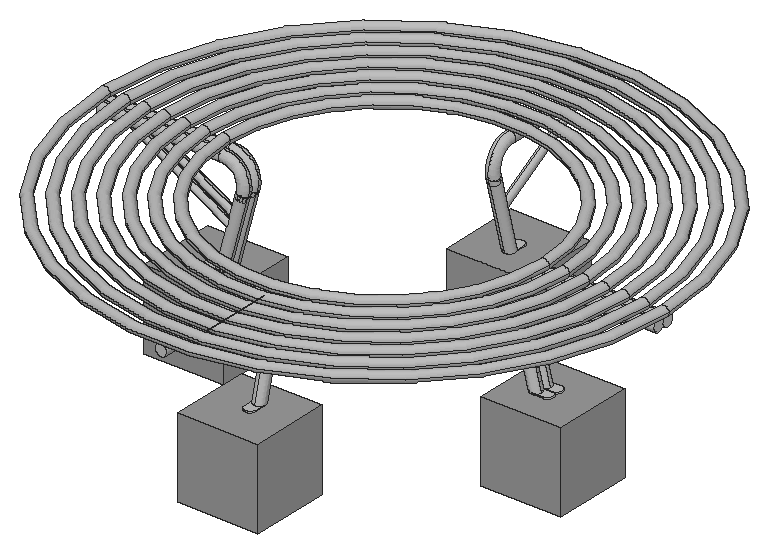
Revit family "L-FUR_벤치_YB-320_예건", category 일반 모델, Revit 2021
Family settings
  보강 철근 호스트 가능 = 아니오
  원형 커넥터 치수 = 지름 사용
  부품 유형 = 보통
  작업 기준면 기반 = 아니오
  항상 수직 = 예
  로드될 때 보이드를 사용하여 절단 = 아니오
  공유 = 아니오
  룸 계산 점 = 아니오
Parameters
  한국산업규격KS = ""
  조달청표준공사코드-세부공종 = ""
  기본 입면도 = 0 mm
  건설정보분류체계-부위분류 = "E943"
  LIM_INFO_주의사항 = "재배포, 재가공, 판매 금지"
  LIM_INFO_제품업체 = "예건"
  LIM_INFO_제품번호 = "YF-16"
  LIM_INFO_제품명 = "펜스_YF-16"
  LIM_INFO_제작일 = "20230315"
  LIM_INFO_재료 = "Hardwood, STL-pipe, STL-plate"
  LIM_INFO_업체정보 = ""
  LIM_INFO_업체URL = "https://yekun.com/"
  LIM_INFO_업체TEL = "(+82)31-943-6114"
  LIM_INFO_업체EMAIL = "yekun@yekun.com"
  LIM_INFO_버전 = "2023_V01"
  LIM_INFO_기타정보 = ""
  LIM_INFO_규격 = "W2000 x H1800"
  LIM_INFO_가격 = 0
  LIM_INFO_PV_포장재여부 = yes
  LIM_INFO_PV_면적 = 0.00 m²
  KBIMS_식별-버전 = ""
  KBIMS_식별-bSK등록번호 = ""
  KBIMS_보급정보-저작자 = "림인포테크_MMJ"
  KBIMS_보급정보-보급코드 = ""
Reference planes
  plane 1 "중심(앞/뒤)": y = 0
  plane 2: z = 0
  plane 3 "중심(왼쪽/오른쪽)": x = 0
Dimensions and locks
  aligned and locked: level to plane 2
Nested families
  nested 1: "YB-320_base" at (0, 0, 0), type "YB-320_base"
Definition of nested family "YB-320_base"
  Parameters (values of type "YB-320_base")
    Default Elevation = 0 mm
  Reference planes
    plane 1 "중심(앞/뒤)": y = 0
    plane 2: z = 0
    plane 3 "중심(왼쪽/오른쪽)": x = 0
  Forms (mm)
    Sweep 1, solid, detail levels fine
      path in 3D
        loop
          arc (19.05, 1067.482, 421.3) -> (1069.05, 17.482, 421.3) -> (2119.05, 1067.482, 421.3) r 1050
          arc (2119.05, 1067.482, 421.3) -> (1069.05, 2117.482, 421.3) -> (19.05, 1067.482, 421.3) r 1050
      profile origin (1069.05, 2117.482, 421.3) x (0, -1, 0) y (0, 0, 1)
        loop
          circle (0, 0) r 19.05
    Sweep 2, solid, detail levels fine
      path in 3D
        loop
          arc (94.05, 1067.482, 421.3) -> (1069.05, 92.482, 421.3) -> (2044.05, 1067.482, 421.3) r 975
          arc (2044.05, 1067.482, 421.3) -> (1069.05, 2042.482, 421.3) -> (94.05, 1067.482, 421.3) r 975
      profile origin (1069.05, 2042.482, 421.3) x (0, -1, 0) y (0, 0, 1)
        loop
          circle (0, 0) r 19.05
    Sweep 3, solid, detail levels fine
      path in 3D
        loop
          arc (169.05, 1067.483, 421.3) -> (1069.05, 167.483, 421.3) -> (1969.05, 1067.483, 421.3) r 900
          arc (1969.05, 1067.483, 421.3) -> (1069.05, 1967.483, 421.3) -> (169.05, 1067.483, 421.3) r 900
      profile origin (1069.05, 1967.483, 421.3) x (0, -1, 0) y (0, 0, 1)
        loop
          circle (0, 0) r 19.05
    Sweep 4, solid, detail levels fine
      path in 3D
        loop
          arc (244.05, 1067.483, 421.3) -> (1069.05, 242.483, 421.3) -> (1894.05, 1067.483, 421.3) r 825
          arc (1894.05, 1067.483, 421.3) -> (1069.05, 1892.483, 421.3) -> (244.05, 1067.483, 421.3) r 825
      profile origin (1069.05, 1892.483, 421.3) x (0, -1, 0) y (0, 0, 1)
        loop
          circle (0, 0) r 19.05
    Sweep 5, solid, detail levels fine
      path in 3D
        loop
          arc (319.05, 1067.483, 421.3) -> (1069.05, 317.483, 421.3) -> (1819.05, 1067.483, 421.3) r 750
          arc (1819.05, 1067.483, 421.3) -> (1069.05, 1817.483, 421.3) -> (319.05, 1067.483, 421.3) r 750
      profile origin (1069.05, 1817.483, 421.3) x (0, -1, 0) y (0, 0, 1)
        loop
          circle (0, 0) r 19.05
    Sweep 6, solid, detail levels fine
      path in 3D
        loop
          arc (394.05, 1067.483, 421.3) -> (1069.05, 392.483, 421.3) -> (1744.05, 1067.483, 421.3) r 675
          arc (1744.05, 1067.483, 421.3) -> (1069.05, 1742.483, 421.3) -> (394.05, 1067.483, 421.3) r 675
      profile origin (1069.05, 1742.483, 421.3) x (0, -1, 0) y (0, 0, 1)
        loop
          circle (0, 0) r 19.05
    Sweep 7, solid, detail levels fine
      path in 3D
        loop
          arc (469.05, 1067.483, 421.3) -> (1069.05, 467.483, 421.3) -> (1669.05, 1067.483, 421.3) r 600
          arc (1669.05, 1067.483, 421.3) -> (1069.05, 1667.483, 421.3) -> (469.05, 1067.483, 421.3) r 600
      profile origin (1069.05, 1667.483, 421.3) x (0, -1, 0) y (0, 0, 1)
        loop
          circle (0, 0) r 19.05
    Blend 8, solid, detail levels fine
      base sketch origin (-1520, -44.267, 0) x (1, 0, 0) y (0, 1, 0)
        loop
          circle (3176.921, 1090.498) r 21.2
      top sketch origin (-1520, -44.267, 0) x (1, 0, 0) y (0, 1, 0)
        loop
          circle (3101.111, 1090.498) r 21.2
      from 0 to 281.4
    Sweep 9, solid, detail levels fine
      path in 3D
        loop
          line (2116.606, 1046.231, 381.234) -> (1657.145, 1046.231, 381.234)
          arc (1657.145, 1046.231, 381.234) -> (1594.39, 1046.231, 350.141) -> (1581.111, 1046.231, 281.376) r 78.876
          line (1581.111, 1046.231, 281.376) -> (1586.375, 1046.238, 262.081)
      profile origin (1594.39, 1046.231, 350.141) x (-0.795616, 0, 0.605801) y (0, 1, 0)
        loop
          circle (0, 0) r 21.2
    Blend 10, solid, detail levels fine
      base sketch origin (-1520, -1.567, 0) x (1, 0, 0) y (0, 1, 0)
        loop
          circle (3176.921, 1090.498) r 21.2
      top sketch origin (-1520, -1.567, 0) x (1, 0, 0) y (0, 1, 0)
        loop
          circle (3101.111, 1090.498) r 21.2
      from 0 to 281.4
    Sweep 11, solid, detail levels fine
      path in 3D
        loop
          line (2116.606, 1088.931, 381.234) -> (1657.145, 1088.931, 381.234)
          arc (1657.145, 1088.931, 381.234) -> (1594.39, 1088.931, 350.141) -> (1581.111, 1088.931, 281.376) r 78.876
          line (1581.111, 1088.931, 281.376) -> (1586.375, 1088.937, 262.081)
      profile origin (1594.39, 1088.931, 350.141) x (-0.795616, 0, 0.605801) y (0, 1, 0)
        loop
          circle (0, 0) r 21.2
    Blend 12, solid, detail levels fine
      base sketch origin (3657.982, -44.267, 0) x (-1, 0, 0) y (0, -1, 0)
        loop
          circle (3176.921, -1090.498) r 21.2
      top sketch origin (3657.982, -44.267, 0) x (-1, 0, 0) y (0, -1, 0)
        loop
          circle (3101.111, -1090.498) r 21.2
      from 0 to 281.4
    Sweep 13, solid, detail levels fine
      path in 3D
        loop
          line (21.376, 1046.231, 381.234) -> (480.837, 1046.231, 381.234)
          arc (480.837, 1046.231, 381.234) -> (543.592, 1046.231, 350.141) -> (556.871, 1046.231, 281.376) r 78.876
          line (556.871, 1046.231, 281.376) -> (551.607, 1046.238, 262.081)
      profile origin (543.592, 1046.231, 350.141) x (-0.795616, 0, -0.605801) y (0, 1, 0)
        loop
          circle (0, 0) r 21.2
    Blend 14, solid, detail levels fine
      base sketch origin (3657.982, -1.567, 0) x (-1, 0, 0) y (0, -1, 0)
        loop
          circle (3176.921, -1090.498) r 21.2
      top sketch origin (3657.982, -1.567, 0) x (-1, 0, 0) y (0, -1, 0)
        loop
          circle (3101.111, -1090.498) r 21.2
      from 0 to 281.4
    Sweep 15, solid, detail levels fine
      path in 3D
        loop
          line (21.376, 1088.931, 381.234) -> (480.837, 1088.931, 381.234)
          arc (480.837, 1088.931, 381.234) -> (543.592, 1088.931, 350.141) -> (556.871, 1088.931, 281.376) r 78.876
          line (556.871, 1088.931, 281.376) -> (551.607, 1088.937, 262.081)
      profile origin (543.592, 1088.931, 350.141) x (-0.795616, 0, -0.605801) y (0, 1, 0)
        loop
          circle (0, 0) r 21.2
    Blend 16, solid, detail levels fine
      base sketch origin (-21.501, -1521.423, 0) x (0, 1, 0) y (-1, 0, 0)
        loop
          circle (3176.921, -1090.498) r 21.2
      top sketch origin (-21.501, -1521.423, 0) x (0, 1, 0) y (-1, 0, 0)
        loop
          circle (3101.111, -1090.498) r 21.2
      from 0 to 281.4
    Sweep 17, solid, detail levels fine
      path in 3D
        loop
          line (1068.997, 2115.183, 381.234) -> (1068.997, 1655.722, 381.234)
          arc (1068.997, 1655.722, 381.234) -> (1068.997, 1592.967, 350.141) -> (1068.997, 1579.688, 281.376) r 78.876
          line (1068.997, 1579.688, 281.376) -> (1069.004, 1584.952, 262.081)
      profile origin (1068.997, 1592.967, 350.141) x (-1, 0, 0) y (0, 0.795616, -0.605801)
        loop
          circle (0, 0) r 21.2
    Blend 18, solid, detail levels fine
      base sketch origin (-21.501, 3656.885, 0) x (0, -1, 0) y (1, 0, 0)
        loop
          circle (3176.921, 1090.498) r 21.2
      top sketch origin (-21.501, 3656.885, 0) x (0, -1, 0) y (1, 0, 0)
        loop
          circle (3101.111, 1090.498) r 21.2
      from 0 to 281.4
    Sweep 19, solid, detail levels fine
      path in 3D
        loop
          line (1068.997, 20.278, 381.234) -> (1068.997, 479.74, 381.234)
          arc (1068.997, 479.74, 381.234) -> (1068.997, 542.495, 350.141) -> (1068.997, 555.774, 281.376) r 78.876
          line (1068.997, 555.774, 281.376) -> (1069.004, 550.51, 262.081)
      profile origin (1068.997, 542.495, 350.141) x (1, 0, 0) y (0, -0.795616, -0.605801)
        loop
          circle (0, 0) r 21.2
    Sweep 20, solid, detail levels fine
      path in 3D
        loop
          line (1617.054, 1088.93, 149.556) -> (2018.331, 1088.93, 381.234)
      profile origin (1817.693, 1088.93, 265.395) x (-0.5, 0, 0.866025) y (0, -1, 0)
        loop
          circle (0, 0) r 13.6
    Sweep 21, solid, detail levels fine
      path in 3D
        loop
          line (1617.054, 1046.231, 149.556) -> (2018.331, 1046.231, 381.234)
      profile origin (1817.693, 1046.231, 265.395) x (0.5, 0, -0.866025) y (0, 1, 0)
        loop
          circle (0, 0) r 13.6
    Sweep 22, solid, detail levels fine
      path in 3D
        loop
          line (520.941, 1088.93, 149.556) -> (119.664, 1088.93, 381.234)
      profile origin (320.302, 1088.93, 265.395) x (-0.5, 0, -0.866025) y (0, -1, 0)
        loop
          circle (0, 0) r 13.6
    Sweep 23, solid, detail levels fine
      path in 3D
        loop
          line (520.941, 1046.231, 149.556) -> (119.664, 1046.231, 381.234)
      profile origin (320.302, 1046.231, 265.395) x (0.5, 0, 0.866025) y (0, 1, 0)
        loop
          circle (0, 0) r 13.6
    Sweep 24, solid, detail levels fine
      path in 3D
        loop
          line (1069.05, 521.844, 155.229) -> (1069.05, 130.393, 381.234)
      profile origin (1069.05, 326.119, 268.232) x (0, -0.5, -0.866025) y (1, 0, 0)
        loop
          circle (0, 0) r 13.6
    Sweep 25, solid, detail levels fine
      path in 3D
        loop
          line (1069.05, 1613.317, 155.229) -> (1069.05, 2004.769, 381.234)
      profile origin (1069.05, 1809.043, 268.232) x (0, -0.5, 0.866025) y (1, 0, 0)
        loop
          circle (0, 0) r 13.6
    Extrusion 26, solid, detail levels fine
      sketch origin (0, -1.568, 0) x (1, 0, 0) y (0, 1, 0)
        loop
          line (480.851, 1111.849) -> (438.151, 1111.849)
          arc (438.151, 1111.849) -> (416.803, 1090.222) -> (438.704, 1069.156) r 21.35
          line (438.704, 1069.156) -> (481.404, 1069.156)
          arc (481.404, 1069.156) -> (502.2, 1090.775) -> (480.851, 1111.849) r 21.35
      from 0 to 3
    Extrusion 27, solid, detail levels fine
      sketch origin (0, -44.261, 0) x (1, 0, 0) y (0, 1, 0)
        loop
          line (480.851, 1111.849) -> (438.151, 1111.849)
          arc (438.151, 1111.849) -> (416.803, 1090.222) -> (438.704, 1069.156) r 21.35
          line (438.704, 1069.156) -> (481.404, 1069.156)
          arc (481.404, 1069.156) -> (502.2, 1090.775) -> (480.851, 1111.849) r 21.35
      from 0 to 3
    Extrusion 28, solid, detail levels fine
      sketch origin (2137.982, -1.568, 0) x (-1, 0, 0) y (0, -1, 0)
        loop
          arc (480.851, -1111.849) -> (502.2, -1090.775) -> (481.404, -1069.156) r 21.35
          line (481.404, -1069.156) -> (438.704, -1069.156)
          arc (438.704, -1069.156) -> (416.803, -1090.222) -> (438.151, -1111.849) r 21.35
          line (438.151, -1111.849) -> (480.851, -1111.849)
      from 0 to 3
    Extrusion 29, solid, detail levels fine
      sketch origin (2137.982, -44.261, 0) x (-1, 0, 0) y (0, -1, 0)
        loop
          arc (480.851, -1111.849) -> (502.2, -1090.775) -> (481.404, -1069.156) r 21.35
          line (481.404, -1069.156) -> (438.704, -1069.156)
          arc (438.704, -1069.156) -> (416.803, -1090.222) -> (438.151, -1111.849) r 21.35
          line (438.151, -1111.849) -> (480.851, -1111.849)
      from 0 to 3
    Extrusion 30, solid, detail levels fine
      sketch origin (-21.777, 2136.497, 0) x (0, -1, 0) y (1, 0, 0)
        loop
          line (480.851, 1111.849) -> (438.151, 1111.849)
          arc (438.151, 1111.849) -> (416.803, 1090.222) -> (438.704, 1069.156) r 21.35
          line (438.704, 1069.156) -> (481.404, 1069.156)
          arc (481.404, 1069.156) -> (502.2, 1090.775) -> (480.851, 1111.849) r 21.35
      from 0 to 3
    Extrusion 31, solid, detail levels fine
      sketch origin (0, -1.568, 0) x (1, 0, 0) y (0, 1, 0)
        loop
          line (1218.952, 587.267) -> (918.952, 587.267) -> (918.952, 287.267) -> (1218.952, 287.267) -> (1218.952, 587.267)
        loop
          line (587.266, 919.149) -> (587.266, 1219.149) -> (287.266, 1219.149) -> (287.266, 919.149) -> (587.266, 919.149)
        loop
          line (919.148, 1550.835) -> (1219.148, 1550.835) -> (1219.148, 1850.835) -> (919.148, 1850.835) -> (919.148, 1550.835)
        loop
          line (1550.833, 1218.953) -> (1550.833, 918.953) -> (1850.833, 918.953) -> (1850.833, 1218.953) -> (1550.833, 1218.953)
      from -300 to 0
    Extrusion 32, solid, detail levels fine
      sketch origin (-21.777, -1.036, 0) x (0, 1, 0) y (-1, 0, 0)
        loop
          arc (480.851, -1111.849) -> (502.2, -1090.775) -> (481.404, -1069.156) r 21.35
          line (481.404, -1069.156) -> (438.704, -1069.156)
          arc (438.704, -1069.156) -> (416.803, -1090.222) -> (438.151, -1111.849) r 21.35
          line (438.151, -1111.849) -> (480.851, -1111.849)
      from 0 to 3
    Extrusion 33, solid, detail levels coarse+medium
      sketch origin (0, 0.485, 0) x (1, 0, 0) y (0, 1, 0)
        loop
          line (1218.952, 587.267) -> (918.952, 587.267) -> (918.952, 287.267) -> (1218.952, 287.267) -> (1218.952, 587.267)
        loop
          line (587.266, 919.149) -> (587.266, 1219.149) -> (287.266, 1219.149) -> (287.266, 919.149) -> (587.266, 919.149)
        loop
          line (919.148, 1550.835) -> (1219.148, 1550.835) -> (1219.148, 1850.835) -> (919.148, 1850.835) -> (919.148, 1550.835)
        loop
          line (1550.833, 1218.953) -> (1550.833, 918.953) -> (1850.833, 918.953) -> (1850.833, 1218.953) -> (1550.833, 1218.953)
      from -300 to 0
    Extrusion 34, solid, detail levels coarse+medium
      sketch origin (0, 2802.053, 0) x (1, 0, 0) y (0, 1, 0)
        loop
          line (1065.951, -1152.053) -> (655.829, -1321.931) -> (485.951, -1732.053) -> (655.829, -2142.175) -> (1065.951, -2312.053) -> (1476.073, -2142.175) -> (1645.951, -1732.053) -> (1476.073, -1321.931) -> (1065.951, -1152.053)
        loop
          line (1065.951, -662.053) -> (309.347, -975.449) -> (-4.049, -1732.053) -> (309.347, -2488.657) -> (1065.951, -2802.053) -> (1822.555, -2488.657) -> (2135.951, -1732.053) -> (1822.555, -975.449) -> (1065.951, -662.053)
      from 401.192 to 440.33
    Extrusion 35, solid, detail levels coarse+medium
      sketch origin (0, 2802.053, 0) x (1, 0, 0) y (0, 1, 0)
        loop
          line (1069.148, -1080.308) -> (1054.705, -1086.291) -> (1048.723, -1100.733) -> (1054.705, -1115.176) -> (1069.148, -1121.158) -> (1083.59, -1115.176) -> (1089.573, -1100.733) -> (1083.59, -1086.291) -> (1069.148, -1080.308)
        loop
          line (1701.029, -1712.19) -> (1686.587, -1718.172) -> (1680.604, -1732.615) -> (1686.587, -1747.058) -> (1701.029, -1753.04) -> (1715.472, -1747.058) -> (1721.454, -1732.615) -> (1715.472, -1718.172) -> (1701.029, -1712.19)
        loop
          line (1068.952, -2344.268) -> (1054.509, -2350.25) -> (1048.527, -2364.693) -> (1054.509, -2379.135) -> (1068.952, -2385.118) -> (1083.394, -2379.135) -> (1089.377, -2364.693) -> (1083.394, -2350.25) -> (1068.952, -2344.268)
        loop
          line (437.266, -1712.582) -> (422.823, -1718.564) -> (416.841, -1733.007) -> (422.823, -1747.45) -> (437.266, -1753.432) -> (451.709, -1747.45) -> (457.691, -1733.007) -> (451.709, -1718.564) -> (437.266, -1712.582)
      from 0 to 401.192
  Lines and regions (mm)
    sketch lines
      curve 1: circle (1069.05, 1067.482, 421.3) r 1050 normal (0, 0, 1)
      curve 2: circle (1069.05, 1067.482, 421.3) r 975 normal (0, 0, 1)
      curve 3: circle (1069.05, 1067.483, 421.3) r 900 normal (0, 0, 1)
      curve 4: circle (1069.05, 1067.483, 421.3) r 825 normal (0, 0, 1)
      curve 5: circle (1069.05, 1067.483, 421.3) r 750 normal (0, 0, 1)
      curve 6: circle (1069.05, 1067.483, 421.3) r 675 normal (0, 0, 1)
      curve 7: circle (1069.05, 1067.483, 421.3) r 600 normal (0, 0, 1)
      curve 8: arc (1657.145, 1046.231, 381.234) -> (1594.39, 1046.231, 350.141) -> (1581.111, 1046.231, 281.376) r 78.876
      curve 9: line (1581.111, 1046.238, 281.376) -> (1586.375, 1046.238, 262.081)
      curve 10: line (2116.606, 1046.231, 381.234) -> (1657.145, 1046.231, 381.234)
      curve 11: arc (1657.145, 1088.931, 381.234) -> (1594.39, 1088.931, 350.141) -> (1581.111, 1088.931, 281.376) r 78.876
      curve 12: line (1581.111, 1088.937, 281.376) -> (1586.375, 1088.937, 262.081)
      curve 13: line (2116.606, 1088.931, 381.234) -> (1657.145, 1088.931, 381.234)
      curve 14: arc (480.837, 1046.231, 381.234) -> (543.592, 1046.231, 350.141) -> (556.871, 1046.231, 281.376) r 78.876
      curve 15: line (556.871, 1046.238, 281.376) -> (551.607, 1046.238, 262.081)
      curve 16: line (21.376, 1046.231, 381.234) -> (480.837, 1046.231, 381.234)
      curve 17: arc (480.837, 1088.931, 381.234) -> (543.592, 1088.931, 350.141) -> (556.871, 1088.931, 281.376) r 78.876
      curve 18: line (556.871, 1088.937, 281.376) -> (551.607, 1088.937, 262.081)
      curve 19: line (21.376, 1088.931, 381.234) -> (480.837, 1088.931, 381.234)
      curve 20: arc (1068.997, 1655.722, 381.234) -> (1068.997, 1592.967, 350.141) -> (1068.997, 1579.688, 281.376) r 78.876
      curve 21: line (1069.004, 1579.688, 281.376) -> (1069.004, 1584.952, 262.081)
      curve 22: line (1068.997, 2115.183, 381.234) -> (1068.997, 1655.722, 381.234)
      curve 23: arc (1068.997, 479.74, 381.234) -> (1068.997, 542.495, 350.141) -> (1068.997, 555.774, 281.376) r 78.876
      curve 24: line (1069.004, 555.774, 281.376) -> (1069.004, 550.51, 262.081)
      curve 25: line (1068.997, 20.278, 381.234) -> (1068.997, 479.74, 381.234)
      curve 26: line (1617.054, 1088.93, 149.556) -> (2018.331, 1088.93, 381.234)
      curve 27: line (1617.054, 1046.231, 149.556) -> (2018.331, 1046.231, 381.234)
      curve 28: line (520.941, 1088.93, 149.556) -> (119.664, 1088.93, 381.234)
      curve 29: line (520.941, 1046.231, 149.556) -> (119.664, 1046.231, 381.234)
      curve 30: line (1069.05, 521.844, 155.229) -> (1069.05, 130.393, 381.234)
      curve 31: line (1069.05, 1613.317, 155.229) -> (1069.05, 2004.769, 381.234)
  Dimensions and locks
    aligned and locked: level to plane 2
